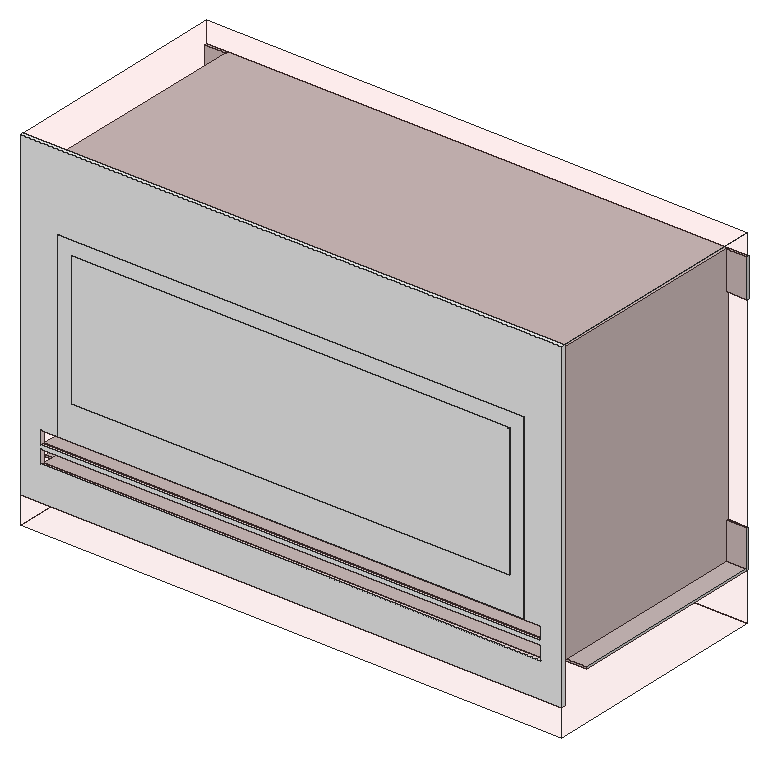
Revit family "Air-Curtain_Customer-Entry_PoweredAire_ECC-E", category Mechanical Equipment, host Face, Revit 2024
Family settings
  Host = Face
  Round Connector Dimension = Use Diameter
  Part Type = Normal
  OmniClass Number = 23.75.35.17.21
  OmniClass Title = Air Curtains
  Cut with Voids When Loaded = No
  Maintain Annotation Orientation = No
  Shared = No
  Room Calculation Point = No
Parameters
  Warranty Duration (Years) = 0
  Unit Width Notes = "Other Widths available."  # constant formula
  Unit Width = 3' - 3"
  Unit Weight = 0
  Unit Height = 1' - 4 3/4"
  Unit Depth = 1' - 11 1/4"
  URL = "http://www.poweredaire.com/"
  Test Data = ""
  Temperature Rise_Range = "as Specified"
  Standards Conformance = "as Specified"
  Specification = "http://www.arcat.com/sdspecs/htm04/23_34_33pai.htm"
  SpecWizard = ""
  Sound Pressure = "as Specified"
  Sales Information = "http://www.poweredaire.com/contact_us"
  Revision = "R1_2016-08"
  Projection from Host [instance] = 0' - 2"
  Product Properties = ""
  Product Data = "http://www.arcat.com/arcatcos/cos47/arc47623.html"
  Power Rating = 0 W
  Outlet Volume_Range = "as Specified"
  Outlet Velocity_Range = "as Specified"
  Nozzle Width = if(1 = 1, Unit Width - 0' 3", 0' 0")  # 3' - 0"
  Mounting Width = if(1 = 1, Unit Width - 0' 1 1/2", 0' 0")  # 3' - 1 1/2"
  Mounting Height [instance] = 3' - 6"
  Motor RPM = 0
  Motor HP = 0
  Motor Count = 0
  Model = "As Specified"
  Max Height = 0' - 0"
  Manufacturer Website = "http://www.poweredaire.com/"
  Manufacturer Phone - Toll Free = "888-321-2473"
  Manufacturer Phone = "724-588-3305"
  Manufacturer Fax = "724-588-3371"
  Manufacturer Address = "109 Mortensen Rd.  Greenville, PA 16125"
  Manufacturer = "Powered Aire, Inc"
  Maintenance Schedule (Months) = 0
  Keynote = "23 34 33"
  Installation-Fabrication = ""
  Installation Phase = ""
  Include Clearance [instance] = yes
  Heating Element Load = 0 W
  HVAC_Temperature Rise [instance] = 0 °F
  HVAC_Outlet Volume [instance] = 0 CFM
  HVAC_Outlet Velocity Uniformity = 0
  HVAC_Outlet Velocity [instance] = 0 FPM
  Green Building-LEED = "http://www.arcat.com/green/clients/leed_data_47623.html"
  Front Grating Material [instance] = Metal - Steel - PoweredAire - White Perforated
  Frame Finish [instance] = Metal - Steel - PoweredAire - Stainless 304
  Expected Lifespan (Years) = 0
  Electrical_Wattage [instance] = Power Rating + Heating Element Load  # 0 W
  Electrical_Voltage [instance] = 0 V
  Electrical_Phase [instance] = 1
  Electrical_Frequency [instance] = 0 Hz
  Electrical_Amperage [instance] = 0 A
  Drawn By = "Sumex Design, Inc. / Robert S. Weygant, CSI, CDT, SCIP"
  Description = "Powered Aire Air Curtain as Specified"
  Default Elevation = 0' - 0"  # constant formula
  Cover Finish [instance] = Metal - Steel - PoweredAire - White
  Copyright = "©Arcat Inc."
  Construction Details = "http://www.arcat.com/details/powair/prod3336.html"
  Clearance_Top [instance] = 0' - 0"
  Clearance_Side B [instance] = 0' - 0"
  Clearance_Side A [instance] = 0' - 0"
  Clearance_Intake [instance] = 0' - 0"
  Clearance_Front [instance] = 0' - 0"
  Clearance Material [instance] = ARCAT Clearance
  Building Codes = ""
  Available Options [instance] = "as Specified"
  Assembly Code = "D3090400"
Reference planes (in)
  plane 1 "Center (Elevation)": y = 8.51318
  plane 2: z = 0
  plane 3 "Center (Left/Right)": x = 0
  plane 4: y = 16.88818
  plane 5: y = 0.13818
  plane 6: x = -19.5
  plane 7: x = 19.5
  plane 8: z = 25.25
  plane 9 "FF": y = -41.86182
  plane 10: z = 2
  plane 11: x = 18
  plane 12: x = -18
  plane 13: y = 16.88818
  plane 14: y = 0.13818
  plane 15: x = -19.5
  plane 16: x = 19.5
  plane 17: z = 25.25
  plane 18: y = 0.38818
Forms (in)
  Extrusion 1, solid, material "ARCAT Clearance" <- "Clearance Material", visible <- "Include Clearance"
    sketch origin (0, 0, 0) x (0, 1, 0) y (0, 0, 1)
      loop
        line (0.13818, 25.25) -> (0.13818, 0) -> (16.88818, 0) -> (16.88818, 25.25) -> (0.13818, 25.25)
    from -19.5 to 19.5
  Extrusion 2, solid, material "Metal - Steel - PoweredAire - White" <- "Cover Finish"
    sketch origin (0, 8.51318, 0) x (1, 0, 0) y (0, 0, 1)
      loop
        line (-19.5, 25.25) -> (-19.5, 2) -> (19.5, 2) -> (19.5, 25.25) -> (-19.5, 25.25)
    from 8.125 to 8.375
  Extrusion 3, solid, material "Metal - Steel - PoweredAire - Stainless 304" <- "Frame Finish"
    sketch origin (0, 8.51318, 0) x (1, 0, 0) y (0, 0, 1)
      loop
        line (18, 23.75) -> (-18, 23.75) -> (-18, 3.5) -> (18, 3.5) -> (18, 23.75)
    from -8.375 to 8.125
  Extrusion 4, void
    sketch origin (0, 0, 0) x (0, 1, 0) y (0, 0, 1)
      loop
        line (0.13818, 5.5) -> (0.13818, 4.5) -> (1.88818, 4.5) -> (1.88818, 6.75) -> (0.13818, 6.75) -> (0.13818, 5.75) -> (1.63818, 5.75) -> (1.63818, 5.5) -> (0.13818, 5.5)
    from -18 to 18
  Extrusion 5, solid, material "Metal - Steel - PoweredAire - White" <- "Cover Finish"
    sketch origin (-11.83813, 0.13818, 48) x (-1, 0, 0) y (0, 0, 1)
      loop
        line (4.91187, -41.25) -> (4.91187, -28.25) -> (-28.58813, -28.25) -> (-28.58813, -41.25) -> (4.91187, -41.25)
    from 0 to -0.03125
  Extrusion 6, solid, material "Metal - Steel - PoweredAire - White Perforated" <- "Front Grating Material"
    sketch origin (-11.83813, 0.10693, 48) x (1, 0, 0) y (0, 0, 1)
      loop
        line (-3.91187, -29.25) -> (-3.91187, -38.75) -> (27.58813, -38.75) -> (27.58813, -29.25) -> (-3.91187, -29.25)
    from 0 to 0.03125
  Extrusion 7, solid, material "Metal - Steel - PoweredAire - Stainless 304" <- "Frame Finish"
    sketch origin (-15.17702, -180, 2) x (-1, 0, 0) y (0, -1, 0)
      loop
        line (-33.17702, -196.88818) -> (-33.17702, -182.38818) -> (-34.67702, -182.38818) -> (-34.67702, -196.88818) -> (-33.17702, -196.88818)
      loop
        line (2.82298, -196.88818) -> (4.32298, -196.88818) -> (4.32298, -182.38818) -> (2.82298, -182.38818) -> (2.82298, -196.88818)
    from 1.5 to 1.625
  Extrusion 8, solid, material "Metal - Steel - PoweredAire - Stainless 304" <- "Frame Finish"
    sketch origin (-11.83813, 16.88818, 48) x (-1, 0, 0) y (0, 0, 1)
      loop
        line (7.66187, -44.5) -> (7.66187, -41.75) -> (6.16187, -41.75) -> (6.16187, -44.5) -> (7.66187, -44.5)
      loop
        line (-31.33813, -44.5) -> (-29.83813, -44.5) -> (-29.83813, -41.75) -> (-31.33813, -41.75) -> (-31.33813, -44.5)
      loop
        line (7.66187, -27) -> (7.66187, -24.25) -> (6.16187, -24.25) -> (6.16187, -27) -> (7.66187, -27)
      loop
        line (-31.33813, -27) -> (-29.83813, -27) -> (-29.83813, -24.25) -> (-31.33813, -24.25) -> (-31.33813, -27)
    from 0 to -0.125
Cuts and joins
  Extrusion 4 cuts Extrusion 2
  Extrusion 4 cuts Extrusion 3
Dimensions and locks (in)
  equal spacing: plane 4, plane 1 "Center (Elevation)", plane 5
  "Unit Height": plane 4 to plane 5
  equal spacing: plane 6, plane 3 "Center (Left/Right)", plane 7
  "Unit Width": plane 6 to plane 7
  "Mounting Height": plane 5 to plane 9 "FF"
  "Projection from Host": plane 10 to level
  "Unit Depth": plane 8 to plane 10
  locked: plane 6 to plane 12 at 1.5
  locked: plane 11 to plane 7 at 1.5
  "Clearance_Side A": plane 7 to plane 16
  "Clearance_Side B": plane 15 to plane 6
  "Clearance_Top": plane 13 to plane 4
  "Clearance_Intake": plane 5 to plane 14
  "Clearance_Front": plane 17 to plane 8
  locked: plane 8 to Extrusion 3 sketch curve at 1.5
  locked: Extrusion 3 sketch curve to plane 10 at 1.5
  locked: plane 7 to Extrusion 3 sketch curve at 1.5
  locked: Extrusion 3 sketch curve to plane 6 at 1.5
  locked: plane 18 to plane 5 at 0.25
  Extrusion 4 sketch curve to Extrusion 4 sketch curve to Extrusion 4 sketch curve to Extrusion 4 sketch curve to plane 10 = 0' - 1" locked, 0' - 0 1/4" locked, 0' - 1" locked, 0' - 2 1/2" locked
  Extrusion 5 sketch curve to Extrusion 5 sketch curve to plane 10 = 1' - 1" locked, 0' - 4 3/4" locked
  locked: plane 11 to Extrusion 5 sketch curve at 1.25
  locked: Extrusion 5 sketch curve to plane 12 at 1.25
  Extrusion 6 sketch curve to Extrusion 6 sketch curve to plane 10 = 0' - 9 1/2" locked, 0' - 7 1/4" locked
  locked: Extrusion 6 sketch curve to plane 12 at 2.25
  locked: plane 11 to Extrusion 6 sketch curve at 2.25
  locked: plane 4 to Extrusion 7 sketch curve at 14.5  (x2)
  Extrusion 8 sketch curve to Extrusion 8 sketch curve to Extrusion 8 sketch curve to Extrusion 8 sketch curve to plane 10 = 0' - 2 3/4" locked, 1' - 2 3/4" locked, 0' - 2 3/4" locked, 0' - 1 1/2" locked  (x2)
  aligned and locked: plane 2 to host face
  aligned and locked: level to host face
  aligned and locked: Extrusion 1 sketch curve to plane 17
  aligned and locked: plane 14 to Extrusion 1 sketch curve
  aligned and locked: level to Extrusion 1 sketch curve
  aligned and locked: Extrusion 1 sketch curve to plane 13
  aligned and locked: plane 16 to Extrusion 1
  aligned and locked: Extrusion 1 to plane 15
  aligned and locked: Extrusion 2 sketch curve to plane 8
  aligned and locked: plane 6 to Extrusion 2 sketch curve
  aligned and locked: Extrusion 2 sketch curve to plane 10
  aligned and locked: Extrusion 2 sketch curve to plane 7
  aligned and locked: Extrusion 3 to plane 4
  aligned and locked: Extrusion 3 to plane 18
  aligned and locked: Extrusion 2 to plane 18
  aligned and locked: Extrusion 2 to plane 5
  aligned and locked: plane 11 to Extrusion 4
  aligned and locked: Extrusion 4 to plane 12
  aligned and locked: Extrusion 7 sketch curve to plane 4  (x2)
Automatic sketch dimensions
  host sketch curve to host sketch curve = 8' - 0"  (x2)
  Extrusion 4 sketch curve to plane 5 = 0' - 0"  (x2)
  plane 18 to Extrusion 4 sketch curve = 0' - 1 1/4"
  Extrusion 4 sketch curve to Extrusion 4 sketch curve = 0' - 0 1/4"
  Extrusion 7 sketch curve to plane 7 = 0' - 0"
  Extrusion 7 sketch curve to plane 11 = 0' - 0"
  Extrusion 7 sketch curve to plane 12 = 0' - 0"
  Extrusion 7 sketch curve to plane 6 = 0' - 0"
  Extrusion 8 sketch curve to plane 7 = 0' - 0"  (x2)
  Extrusion 8 sketch curve to plane 11 = 0' - 0"  (x2)
  Extrusion 8 sketch curve to plane 12 = 0' - 0"  (x2)
  Extrusion 8 sketch curve to plane 6 = 0' - 0"  (x2)
Connectors (in)
  electrical at (-18, 4.88818, 9.625), driven by "Electrical_Voltage", driven by "Electrical_Phase"
    settings: on cut or joined group of Extrusion 3, Extrusion 4, index 1, voltage 0 V, apparent load 0 VA, apparent load phase1 0 VA, apparent load phase2 0 VA, apparent load phase3 0 VA, power factor 1, load classification "Other", number of poles 1, system type 31, power factor state 1, is connector primary yes, connector utility no, sub classification motor no, connector description ""
